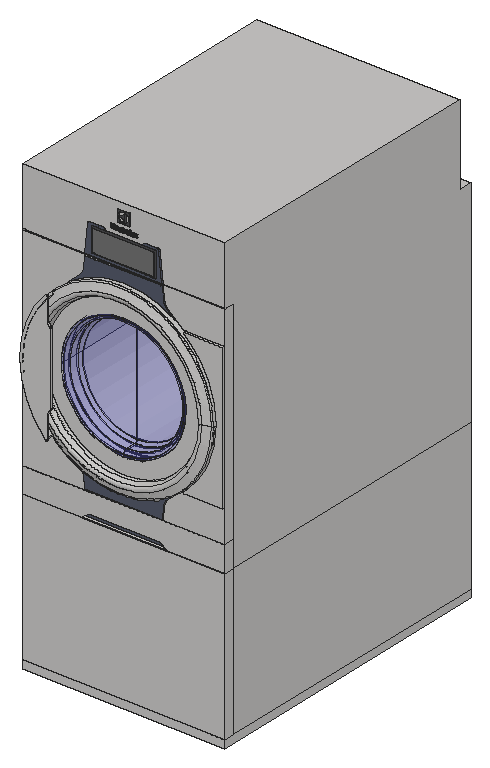
Revit family "TD6-20 IS", category Attrezzature speciali, Revit 2014
Parameters
  Show Logo [instance] = yes
  Show Clearance [instance] = yes
  Manufacturer = ""
  Model = ""
  Description = ""
Reference planes
  plane 1: z = 0
  plane 2 "BACK": y = 790.5
  plane 3 "FRONT": y = -549.5
  plane 4 "LEFT": x = -799
  plane 5 "RIGHT": x = -6
  plane 6 "TOP": z = 1771
  plane 7: y = -601.5
  plane 8: y = -1323.5
Forms (mm)
  Extrusion 1, solid, material "QF_Finishes_Stainless Steel"
    sketch origin (718.1, -398.1, 598.796) x (0, 0, -1) y (0, 1, 0)
      loop
        line (-14.704, 1049.6) -> (-855.66, 1049.6) -> (-855.66, 993.6) -> (-941.204, 993.6) -> (-941.204, -115.453) -> (-14.704, -115.453) -> (-14.704, 1049.6)
    from -1517.1 to -724.1
  Extrusion 2, solid, material "QF_Finishes_Stainless Steel"
    sketch origin (718.1, -368.1, 598.796) x (0, 0, -1) y (0, 1, 0)
      loop
        line (568.796, -145.453) -> (568.796, 1019.6) -> (-14.704, 1019.6) -> (-14.704, -145.453) -> (568.796, -145.453)
    from -1517.1 to -724.1
  Sweep 3, solid, material "QF_Finishes_Black"
    path origin (686.327, -549.5, 1684.42) x (0, 0, -1) y (1, 0, 0)
      loop
        line (131.445, -962.809) -> (32.707, -962.809) -> (32.707, -1214.809) -> (131.445, -1214.809) -> (131.445, -962.809)
    profile origin (-276.482, -549.5, 1602.344) x (-1, 0, 0) y (0, -1, 0)
      loop
        line (5, 0) -> (5, 5)
        arc (5, 5) -> (1.464, 3.536) -> (0, 0) r 5
        line (0, 0) -> (5, 0)
  Extrusion 4, solid, material "QF_Finishes_Dark Grey"
    sketch origin (686.327, -549.5, 1684.42) x (0, 0, -1) y (1, 0, 0)
      loop
        line (126.445, -1209.809) -> (126.445, -967.809) -> (37.707, -967.809) -> (37.707, -1209.809) -> (126.445, -1209.809)
    from 0 to 4
  Extrusion 5, void
    sketch origin (889, -517.06, 1195.994) x (0, 0, -1) y (1, 0, 0)
      loop
        circle (69.994, -1291.5) r 245
    from -451.9 to 33.109
  Extrusion 6, solid, material "QF_Finishes_Stainless Steel"
    sketch origin (718.1, 595.5, 1540) x (0, 0, -1) y (-1, 0, 0)
      loop
        circle (43, 834.1) r 12.7
    from 0 to 5
  Extrusion 7, solid, material "QF_Finishes_Stainless Steel"
    sketch origin (653.455, 651.5, 172.018) x (0, 0, 1) y (1, 0, 0)
      loop
        circle (67.982, -1277.455) r 100
    from 0 to 5
  Extrusion 8, solid, material "QF_Finishes_Stainless Steel"
    sketch origin (-499, 0, 0) x (0, 1, 0) y (0, 0, 1)
      loop
        line (595.5, 1540) -> (595.5, 1771) -> (-549.5, 1771) -> (-549.5, 1541.816)
        arc (-549.5, 1541.816) -> (-548.968, 1540.532) -> (-547.684, 1540) r 1.816
        line (-547.684, 1540) -> (595.5, 1540)
    from -300 to 493
  Extrusion 9, solid, material "QF_Finishes_Stainless Steel"
    sketch origin (0, 0, 1114.3) x (-1, 0, 0) y (0, -1, 0)
      loop
        line (799, -651.5) -> (799, 549.5) -> (6, 549.5) -> (6, -651.5) -> (799, -651.5)
    from -1114.3 to -1084.3
  Extrusion 10, solid, material "QF_Finishes_Stainless Steel"
    sketch origin (-499, -118.96, 0) x (0, 1, 0) y (0, 0, 1)
      loop
        line (-394.593, 1540) -> (-430.54, 1540) -> (-430.54, 713.5) -> (-394.593, 713.5) -> (-394.593, 1540)
    from -300 to 493
  Extrusion 11, solid, material "QF_Finishes_Stainless Steel"
    sketch origin (-499, -118.96, 0) x (0, 1, 0) y (0, 0, 1)
      loop
        line (-430.54, 713.5) -> (-430.54, 613.5) -> (-394.593, 613.5) -> (-394.593, 713.5) -> (-430.54, 713.5)
    from -300 to 493
  Extrusion 12, solid, material "QF_Finishes_Stainless Steel"
    sketch origin (-499, -118.96, 0) x (0, 1, 0) y (0, 0, 1)
      loop
        line (-394.593, 613.5) -> (-430.54, 613.5) -> (-430.54, 30) -> (-394.593, 30) -> (-394.593, 613.5)
    from -300 to 493
  Sweep 13, solid, material "QF_Finishes_Stainless Steel"
    path origin (-409, -549.5, 1444.576) x (0, 0, -1) y (1, 0, 0)
      loop
        circle (318.576, 6.5) r 366.295
    profile origin (-402.5, -549.5, 1492.295) x (0, 0, -1) y (0, -1, 0)
      loop
        line (0, 0) -> (60.401, 0)
        arc (60.401, 0) -> (59.825, 6.814) -> (57.535, 13.257) r 26.651
        line (57.535, 13.257) -> (49.537, 28.994)
        arc (49.537, 28.994) -> (42.511, 35.32) -> (33.058, 35.302) r 13.156
        line (33.058, 35.302) -> (4.309, 24.168)
        arc (4.309, 24.168) -> (1.18, 21.691) -> (0, 17.88) r 6.744
        line (0, 17.88) -> (0, 0)
  Extrusion 14, solid, material "QF_Finishes_Stainless Steel"
    sketch origin (889, -689.525, 1195.994) x (0, 0, -1) y (1, 0, 0)
      loop
        line (353.669, -897.598) -> (-212.997, -897.549) -> (-213.01, -1046.361)
        arc (-213.01, -1046.361) -> (-212.131, -1048.481) -> (-210.011, -1049.36) r 2.999
        line (-210.011, -1049.36) -> (-204.852, -1049.36)
        arc (-204.852, -1049.36) -> (-80.8, -957.683) -> (69.994, -925.205) r 366.295
        arc (69.994, -925.205) -> (220.927, -957.746) -> (345.042, -1049.589) r 366.295
        line (345.042, -1049.589) -> (350.683, -1049.589)
        arc (350.683, -1049.589) -> (352.804, -1048.711) -> (353.682, -1046.59) r 2.999
        line (353.682, -1046.59) -> (353.669, -897.598)
    from -140.025 to -130.025
  Revolve 15, solid, material "QF_Door-Drawer Clearances", visible <- "Show Clearance", detail levels coarse
    sketch origin (889, -601.5, 1195.994) x (0, 0, -1) y (1, 0, 0)
      loop
        circle (69.994, -1291.5) r 366.295
      axis (69.994, -924.023) -> (68.994, -924.023)
    angle from 0 to -90
  Revolve 16, solid, material "QF_Finishes_Glass"
    sketch origin (-402.863, -289.313, 555.02) x (0, 1, 0) y (0, 0, 1)
      loop
        arc (-190.673, 783.338) -> (-195.066, 793.945) -> (-205.673, 798.338) r 15
        line (-205.673, 798.338) -> (-244.95, 798.338)
        arc (-244.95, 798.338) -> (-252.021, 801.267) -> (-254.95, 808.338) r 10
        line (-254.95, 808.338) -> (-254.95, 816.338) -> (-259.95, 816.338) -> (-259.95, 808.338)
        arc (-259.95, 808.338) -> (-255.556, 797.732) -> (-244.95, 793.338) r 15
        line (-244.95, 793.338) -> (-205.673, 793.338)
        arc (-205.673, 793.338) -> (-198.602, 790.409) -> (-195.673, 783.338) r 10
        line (-195.673, 783.338) -> (-195.673, 570.975) -> (-190.673, 570.975) -> (-190.673, 783.338)
      axis (-259.95, 570.975) -> (-190.673, 570.975)
    angle from 0 to 360
  Extrusion 17, solid, material "QF_Finishes_Stainless Steel"
    sketch origin (-529, -549.5, 1444.576) x (0, 0, -1) y (1, 0, 0)
      loop
        arc (176.622, -119.08) -> (174.216, -119.45) -> (172.033, -120.527) r 8
        line (172.033, -120.527) -> (158.099, -130.284)
        arc (158.099, -130.284) -> (155.934, -131.338) -> (153.554, -131.7) r 8
        line (153.554, -131.7) -> (65.736, -131.7)
        arc (65.736, -131.7) -> (63.285, -133.352) -> (63.896, -136.244) r 2.645
        arc (63.896, -136.244) -> (318.617, -239.419) -> (573.315, -136.187) r 365.919
        arc (573.315, -136.187) -> (573.918, -133.331) -> (571.497, -131.7) r 2.612
        line (571.497, -131.7) -> (483.599, -131.7)
        arc (483.599, -131.7) -> (481.193, -131.33) -> (479.01, -130.253) r 8
        line (479.01, -130.253) -> (465.119, -120.527)
        arc (465.119, -120.527) -> (462.936, -119.45) -> (460.53, -119.08) r 8
        line (460.53, -119.08) -> (176.622, -119.08)
    from 47.713 to 52
  Extrusion 18, solid, material "QF_Finishes_Stainless Steel"
    sketch origin (-529, -601.5, 1444.576) x (0, 0, -1) y (1, 0, 0)
      loop
        arc (63.896, -136.244) -> (318.617, -239.419) -> (573.315, -136.187) r 365.919
        line (573.315, -136.187) -> (563.547, -131.7)
        arc (563.547, -131.7) -> (318.584, -229.419) -> (73.616, -131.711) r 355.919
        line (73.616, -131.711) -> (63.896, -136.244)
    from -4.287 to -34.753
  Extrusion 19, void
    sketch origin (-401.334, -549.5, 611.842) x (0, 0, 1) y (1, 0, 0)
      loop
        arc (1.908, -169.725) -> (2.027, -168.962) -> (2.374, -168.272) r 2.499
        line (2.374, -168.272) -> (21.699, -140.672)
        arc (21.699, -140.672) -> (23.335, -137.382) -> (23.898, -133.751) r 11.994
        line (23.898, -133.751) -> (23.897, 130.467)
        arc (23.897, 130.467) -> (23.336, 134.095) -> (21.703, 137.383) r 11.994
        line (21.703, 137.383) -> (2.374, 164.988)
        arc (2.374, 164.988) -> (2.027, 165.678) -> (1.908, 166.441) r 2.499
        line (1.908, 166.441) -> (1.908, -169.725)
    from 0 to 13.427
  Extrusion 20, solid, material "QF_Finishes_Blue"
    sketch origin (-499, -549.5, 893.425) x (0, 0, 1) y (-1, 0, 0)
      loop
        arc (767.274, 37.584) -> (765.819, 41.099) -> (762.304, 42.555) r 4.971
        line (762.304, 42.555) -> (650.575, 54.795) -> (650.575, -247.832) -> (761.659, -235.663)
        arc (761.659, -235.663) -> (765.63, -234.018) -> (767.274, -230.047) r 5.615
        line (767.274, -230.047) -> (767.274, -186.505)
        arc (767.274, -186.505) -> (766.484, -180.953) -> (764.209, -175.828) r 20.351
        line (764.209, -175.828) -> (758.288, -166.304) -> (758.288, -222.518) -> (659.55, -222.518) -> (659.55, 29.482) -> (758.288, 29.482) -> (758.288, -26.732) -> (764.209, -17.208)
        arc (764.209, -17.208) -> (766.483, -12.086) -> (767.274, -6.538) r 20.35
        line (767.274, -6.538) -> (767.274, 37.584)
    from 0 to 1.6
  Extrusion 21, solid, material "QF_Finishes_Blue"
    sketch origin (-499, -549.5, 893.425) x (0, 0, 1) y (-1, 0, 0)
      loop
        arc (594.486, 60.933) -> (579.244, 65.533) -> (566.695, 75.331) r 43.3
        line (566.695, 75.331) -> (532.276, 114.098)
        arc (532.276, 114.098) -> (598.87, -96.026) -> (532.82, -306.322) r 366.295
        line (532.82, -306.322) -> (566.695, -268.167)
        arc (566.695, -268.167) -> (579.244, -258.37) -> (594.486, -253.77) r 43.3
        line (594.486, -253.77) -> (642.075, -248.6) -> (642.075, 55.764) -> (594.486, 60.933)
    from 0 to 1.6
  Extrusion 22, solid, material "QF_Finishes_Blue"
    sketch origin (-499, -549.5, 893.425) x (0, 0, 1) y (-1, 0, 0)
      loop
        line (-129.403, 60.926) -> (-176.925, 55.764) -> (-176.925, -248.6) -> (-129.403, -253.763)
        arc (-129.403, -253.763) -> (-114.123, -258.355) -> (-101.544, -268.169) r 43.3
        line (-101.544, -268.169) -> (-67.671, -306.321)
        arc (-67.671, -306.321) -> (-133.72, -96.026) -> (-67.127, 114.098) r 366.295
        line (-67.127, 114.098) -> (-101.544, 75.332)
        arc (-101.544, 75.332) -> (-114.123, 65.518) -> (-129.403, 60.926) r 43.3
    from 0 to 1.6
  Extrusion 23, solid, material "QF_Finishes_Stainless Steel"
    sketch origin (718.1, 414.5, 30) x (0, 0, 1) y (1, 0, 0)
      loop
        line (661.465, -1322.6) -> (1361.465, -1322.6) -> (1361.465, -918.6) -> (661.465, -918.6) -> (661.465, -1322.6)
    from 237 to 337
  Extrusion 24, solid, material "QF_Finishes_Stainless Steel"
    sketch origin (718.1, 751.5, 30) x (0, 0, 1) y (1, 0, 0)
      loop
        circle (1313.965, -1120.6) r 16.6
    from 0 to 39
  Extrusion 25, solid, material "QF_Finishes_Stainless Steel"
    sketch origin (718.1, 751.5, -575.6) x (0, 0, 1) y (1, 0, 0)
      loop
        circle (1313.965, -1120.6) r 16.6
    from 0 to 39
Cuts and joins
  Extrusion 5 cuts Extrusion 1
  Extrusion 5 cuts Extrusion 8
  joined: Extrusion 1, Extrusion 6, Extrusion 8, Extrusion 23, Extrusion 24, Extrusion 25
  Extrusion 5 cuts Extrusion 10
  Extrusion 19 cuts Extrusion 11
  joined: Sweep 13, Extrusion 14, Extrusion 17, Extrusion 18
  joined: Extrusion 2, Extrusion 7
Lines and regions (mm)
  Split face 1
    outline origin (-6, -549.5, 1540) x (-1, 0, 0) y (0, 0, -1)
      loop
        circle (396.5, 414) r 305.895
  symbolic lines
    curve 1: line (-6, 651.5, 1771) -> (-799, 651.5, 1771)
    curve 2: line (-799, -549.5, 1771) -> (-6, -549.5, 1771)
    curve 3: line (-6, 651.5, 0) -> (-6, -549.5, 0)
    curve 4: line (-799, 651.5, 0) -> (-799, -549.5, 0)
    curve 6: line (-6, 595.5, 0) -> (-799, 595.5, 0)
    curve 25: line (-604.5, 651.5, 0) -> (-604.5, 751.5, 0)
    curve 26: line (-604.5, 751.5, 0) -> (-200.5, 751.5, 0)
    curve 27: line (-200.5, 751.5, 0) -> (-200.5, 651.5, 0)
  symbolic lines, style "QF_Door-Drawer Clearances", visible <- "Show Clearance"
    curve 5: line (-6, -1323.5, 0) -> (-6, -549.5, 0)
    curve 7: arc (-768.795, -549.5, 0) -> (-549.88, -1096.63, 0) -> (-6, -1323.5, 0) r 761.144
  symbolic lines, style "SpecialityEquipment"
    curve 8: line (-8.549, -559.5, 0) -> (-8.549, -549.5, 0)
    curve 9: line (-160.36, -559.5, 0) -> (-8.549, -559.5, 0)
    curve 10: line (-160.36, -549.5, 0) -> (-160.36, -559.5, 0)
    curve 11: line (-768.419, -601.5, 0) -> (-659.284, -601.5, 0)
    curve 12: line (-659.284, -597.213, 0) -> (-758.419, -597.213, 0)
    curve 13: line (-758.419, -569.602, 0) -> (-758.419, -597.213, 0)
    curve 14: line (-659.284, -597.213, 0) -> (-659.284, -601.5, 0)
    curve 15: line (-768.419, -569.602, 0) -> (-758.419, -569.602, 0)
    curve 16: line (-74.013, -585.689, 0) -> (-758.419, -585.689, 0)
    curve 17: line (-768.419, -569.602, 0) -> (-768.419, -601.5, 0)
    curve 18: line (-40.513, -573.668, 0) -> (-758.419, -573.668, 0)
    curve 19: line (-768.795, -549.5, 0) -> (-768.795, -567.38, 0)
    curve 20: arc (-768.795, -567.38, 0) -> (-768.701, -568.507, 0) -> (-768.419, -569.602, 0) r 6.744
    curve 21: line (-36.205, -559.5, 0) -> (-36.205, -567.38, 0)
    curve 22: line (-40.513, -573.668, 0) -> (-69.262, -584.802, 0)
    curve 23: arc (-36.205, -567.38, 0) -> (-37.385, -571.191, 0) -> (-40.513, -573.668, 0) r 6.744
    curve 24: arc (-74.013, -585.689, 0) -> (-71.597, -585.465, 0) -> (-69.262, -584.802, 0) r 13.156
Dimensions and locks
  plane 4 "LEFT" to plane 5 "RIGHT" = 793 mm
  plane 2 "BACK" to plane 3 "FRONT" = 1340 mm
  plane 6 "TOP" to level = 1771 mm
  Extrusion 2 to Extrusion 2 = 583.5 mm
  Extrusion 6 sketch curve to plane 6 "TOP" = 274 mm
  plane 5 "RIGHT" to Extrusion 6 sketch curve = 110 mm
  level to Extrusion 7 sketch curve = 240 mm
  Extrusion 7 sketch curve to plane 4 "LEFT" = 175 mm
  plane 2 "BACK" to plane 7 = 1392 mm
  plane 2 "BACK" to plane 8 = 2114 mm
  aligned and locked: level to plane 1
  aligned and locked: Extrusion 1 to plane 4 "LEFT"
  aligned and locked: plane 5 "RIGHT" to Extrusion 1
  aligned and locked: Extrusion 2 to plane 4 "LEFT"
  aligned and locked: plane 5 "RIGHT" to Extrusion 2
  aligned and locked: plane 5 "RIGHT" to Extrusion 8
  aligned and locked: Extrusion 8 to plane 4 "LEFT"
  aligned and locked: plane 5 "RIGHT" to Extrusion 12
  aligned and locked: Extrusion 12 to plane 4 "LEFT"
  aligned and locked: Extrusion 11 to plane 4 "LEFT"
  aligned and locked: plane 5 "RIGHT" to Extrusion 11
  aligned and locked: Extrusion 10 to plane 4 "LEFT"
  aligned and locked: plane 5 "RIGHT" to Extrusion 10
  aligned and locked: Extrusion 18 to Extrusion 17
Nested families
  nested 1: "ELX_Logo_S_New" at (-415.511, -549.5, 1674.59) x (1, 0, 0) z (0, -1, 0), visible <- "Show Logo", type "ELX_Logo_S_New"
    with Material QF_Finishes_Black
  nested 2: "ELX_Logo_Symbol_S" at (-394.886, -549.5, 1729.274) x (-1, 0, 0) z (0, -1, 0), visible <- "Show Logo", type "ELX_Logo_Symbol_S"
    with Material QF_Finishes_Black
Connectors
  piping at (-624, 656.5, 240), diameter 200
    settings: on Extrusion 7, index 3, connector inside diameter 609.6 mm, connector length 0 mm, flow factor 0, pipe flow 0.0 L/s, pressure drop 0.0 Pa, fitting loss kfactor 0, connector angle 0.00°, fixture units 0, engagement length 0 mm, angle of deflection 0.00°, flow configuration 1, flow direction 2, fitting loss method 0, system type 7, joint type 0, gender type 0, connector reference index -1, connector utility 0, adjustable connector no, is connector primary yes, connector description "Exhaust Connection"
  electrical at (-116, 600.5, 1497)
    settings: on Extrusion 6, index 4, voltage 0 V, apparent load 0 VA, apparent load phase1 0 VA, apparent load phase2 0 VA, apparent load phase3 0 VA, power factor 1, load classification "Other", number of poles 1, system type 30, power factor state 1, is connector primary yes, connector utility no, sub classification motor no, connector description "Electrical Connection"
  piping at (-402.5, 790.5, 1343.965), diameter 33.2
    settings: on Extrusion 24, index 7, connector inside diameter 609.6 mm, connector length 0 mm, flow factor 0, pipe flow 0.0 L/s, pressure drop 0.0 Pa, fitting loss kfactor 0, connector angle 0.00°, fixture units 0, engagement length 0 mm, angle of deflection 0.00°, flow configuration 1, flow direction 1, fitting loss method 0, system type 7, joint type 0, gender type 0, connector reference index -1, connector utility 0, adjustable connector no, is connector primary no, connector description "Steam Inlet"
  piping at (-402.5, 790.5, 738.365), diameter 33.2
    settings: on Extrusion 25, index 8, connector inside diameter 609.6 mm, connector length 0 mm, flow factor 0, pipe flow 0.0 L/s, pressure drop 0.0 Pa, fitting loss kfactor 0, connector angle 0.00°, fixture units 0, engagement length 0 mm, angle of deflection 0.00°, flow configuration 1, flow direction 1, fitting loss method 0, system type 7, joint type 0, gender type 0, connector reference index -1, connector utility 0, adjustable connector no, is connector primary no, connector description "Steam Outlet"
Definition of nested family "ELX_Logo_S_New"
  Parameters (values of type "ELX_Logo_S_New")
    Material [instance] = QF_Finishes_Gray
    Default Elevation = 0 mm
  Reference planes
    plane 1 "Centro (Fronte/Retro)": y = 0
    plane 2: z = 0
    plane 3 "Centro (Sinistra/Destra)": x = 0
  Forms (mm)
    Extrusion 1, solid
      sketch origin (0, 0, 0) x (1, 0, 0) y (0, 1, 0)
        loop
          line (-1219.2, 1219.2) -> (-1219.2, -1219.2) -> (1219.2, -1219.2) -> (1219.2, 1219.2) -> (-1219.2, 1219.2)
      from 0 to -304.8
    Extrusion 2, solid, material "QF_Finishes_Gray" <- "Material"
      sketch origin (0, 0, 0) x (1, 0, 0) y (0, 1, 0)
        loop
          spline (-31.006, -2.781) -> (-31.24, -2.771) -> (-31.49, -2.739) -> (-31.748, -2.68) -> (-32.009, -2.591) -> (-32.264, -2.469) -> (-32.508, -2.308) -> (-32.732, -2.105) -> (-32.932, -1.857) -> (-33.099, -1.559) -> (-33.226, -1.207) -> (-33.308, -0.798) -> (-33.337, -0.327)
          line (-33.337, -0.327) -> (-33.337, 1.761) -> (-26.444, 1.761) -> (-26.444, 4.423) -> (-33.338, 4.423) -> (-33.338, 8.299) -> (-26.005, 8.299) -> (-26.005, 10.954) -> (-36.159, 10.954) -> (-36.159, -0.206)
          spline (-36.159, -0.206) -> (-36.134, -0.893) -> (-36.057, -1.54) -> (-35.927, -2.145) -> (-35.743, -2.707) -> (-35.503, -3.222) -> (-35.206, -3.689) -> (-34.85, -4.106) -> (-34.433, -4.47) -> (-33.955, -4.779) -> (-33.414, -5.031) -> (-32.809, -5.223) -> (-32.137, -5.354)
          line (-32.137, -5.354) -> (-31.029, -5.433) -> (-25.809, -5.433) -> (-25.809, -2.781) -> (-31.006, -2.781)
        loop
          line (-23.804, 3.211) -> (-23.804, -5.437) -> (-20.982, -5.437) -> (-20.982, 10.958) -> (-23.804, 10.958) -> (-23.804, 3.211)
        loop
          spline (-7.052, -0.2) -> (-7.034, 0.688) -> (-7.119, 1.546) -> (-7.304, 2.368) -> (-7.586, 3.144) -> (-7.962, 3.868) -> (-8.426, 4.531) -> (-8.977, 5.126) -> (-9.61, 5.644) -> (-10.321, 6.077) -> (-11.107, 6.419) -> (-11.964, 6.66) -> (-12.889, 6.793)
          spline (-12.889, 6.793) -> (-13.767, 6.742) -> (-14.602, 6.592) -> (-15.387, 6.346) -> (-16.116, 6.008) -> (-16.782, 5.583) -> (-17.379, 5.073) -> (-17.902, 4.483) -> (-18.343, 3.816) -> (-18.697, 3.077) -> (-18.958, 2.269) -> (-19.119, 1.395) -> (-19.174, 0.46)
          spline (-19.174, 0.46) -> (-19.121, -0.452) -> (-18.964, -1.304) -> (-18.71, -2.094) -> (-18.362, -2.816) -> (-17.926, -3.468) -> (-17.406, -4.045) -> (-16.808, -4.544) -> (-16.137, -4.96) -> (-15.397, -5.291) -> (-14.594, -5.532) -> (-13.733, -5.679) -> (-12.817, -5.729)
          spline (-12.817, -5.729) -> (-12.371, -5.719) -> (-11.93, -5.685) -> (-11.493, -5.626) -> (-11.062, -5.54) -> (-10.636, -5.425) -> (-10.216, -5.277) -> (-9.8, -5.096) -> (-9.391, -4.879) -> (-8.987, -4.623) -> (-8.588, -4.326) -> (-8.196, -3.987) -> (-7.809, -3.603)
          line (-7.809, -3.603) -> (-9.51, -1.949)
          spline (-9.51, -1.949) -> (-9.734, -2.164) -> (-9.959, -2.362) -> (-10.188, -2.542) -> (-10.422, -2.703) -> (-10.662, -2.846) -> (-10.913, -2.971) -> (-11.174, -3.077) -> (-11.449, -3.163) -> (-11.739, -3.231) -> (-12.047, -3.28) -> (-12.374, -3.309) -> (-12.723, -3.319)
          spline (-12.723, -3.319) -> (-13.234, -3.294) -> (-13.713, -3.219) -> (-14.158, -3.098) -> (-14.568, -2.931) -> (-14.94, -2.72) -> (-15.272, -2.469) -> (-15.562, -2.177) -> (-15.809, -1.849) -> (-16.009, -1.485) -> (-16.162, -1.088) -> (-16.264, -0.659) -> (-16.314, -0.2)
          line (-16.314, -0.2) -> (-7.052, -0.2)
        loop
          spline (-9.888, 1.784) -> (-9.915, 2.133) -> (-9.995, 2.469) -> (-10.124, 2.788) -> (-10.298, 3.088) -> (-10.514, 3.365) -> (-10.768, 3.615) -> (-11.056, 3.836) -> (-11.376, 4.024) -> (-11.722, 4.176) -> (-12.092, 4.289) -> (-12.482, 4.359) -> (-12.889, 4.383)
          spline (-12.889, 4.383) -> (-13.325, 4.36) -> (-13.744, 4.291) -> (-14.144, 4.18) -> (-14.52, 4.03) -> (-14.868, 3.844) -> (-15.186, 3.624) -> (-15.469, 3.375) -> (-15.715, 3.099) -> (-15.919, 2.798) -> (-16.077, 2.477) -> (-16.186, 2.138) -> (-16.243, 1.784)
          line (-16.243, 1.784) -> (-9.888, 1.784)
        loop
          spline (-2.737, 0.532) -> (-2.704, 1.057) -> (-2.61, 1.555) -> (-2.457, 2.022) -> (-2.249, 2.455) -> (-1.991, 2.851) -> (-1.685, 3.205) -> (-1.336, 3.514) -> (-0.948, 3.775) -> (-0.524, 3.984) -> (-0.067, 4.138) -> (0.417, 4.233) -> (0.926, 4.265)
          spline (0.926, 4.265) -> (1.238, 4.255) -> (1.537, 4.226) -> (1.824, 4.178) -> (2.098, 4.112) -> (2.362, 4.027) -> (2.615, 3.925) -> (2.858, 3.806) -> (3.093, 3.67) -> (3.318, 3.518) -> (3.536, 3.349) -> (3.746, 3.165) -> (3.95, 2.966)
          line (3.95, 2.966) -> (5.699, 4.785)
          spline (5.699, 4.785) -> (5.351, 5.133) -> (4.992, 5.446) -> (4.624, 5.724) -> (4.246, 5.969) -> (3.859, 6.181) -> (3.463, 6.362) -> (3.059, 6.512) -> (2.646, 6.633) -> (2.226, 6.725) -> (1.8, 6.79) -> (1.366, 6.828) -> (0.926, 6.841)
          spline (0.926, 6.841) -> (0.044, 6.786) -> (-0.801, 6.626) -> (-1.601, 6.367) -> (-2.349, 6.014) -> (-3.037, 5.573) -> (-3.658, 5.051) -> (-4.204, 4.453) -> (-4.668, 3.785) -> (-5.041, 3.053) -> (-5.318, 2.263) -> (-5.489, 1.421) -> (-5.548, 0.532)
          spline (-5.548, 0.532) -> (-5.489, -0.357) -> (-5.318, -1.199) -> (-5.041, -1.989) -> (-4.668, -2.721) -> (-4.204, -3.389) -> (-3.658, -3.987) -> (-3.037, -4.509) -> (-2.349, -4.95) -> (-1.601, -5.303) -> (-0.801, -5.562) -> (0.044, -5.722) -> (0.926, -5.777)
          spline (0.926, -5.777) -> (1.366, -5.764) -> (1.8, -5.726) -> (2.226, -5.662) -> (2.646, -5.569) -> (3.059, -5.449) -> (3.463, -5.298) -> (3.859, -5.117) -> (4.246, -4.905) -> (4.624, -4.66) -> (4.992, -4.382) -> (5.351, -4.069) -> (5.699, -3.721)
          line (5.699, -3.721) -> (3.95, -1.902)
          spline (3.95, -1.902) -> (3.746, -2.101) -> (3.536, -2.285) -> (3.318, -2.453) -> (3.093, -2.606) -> (2.858, -2.742) -> (2.615, -2.861) -> (2.362, -2.964) -> (2.098, -3.048) -> (1.824, -3.114) -> (1.537, -3.162) -> (1.238, -3.191) -> (0.926, -3.201)
          spline (0.926, -3.201) -> (0.417, -3.169) -> (-0.067, -3.074) -> (-0.524, -2.92) -> (-0.948, -2.711) -> (-1.336, -2.45) -> (-1.685, -2.141) -> (-1.991, -1.787) -> (-2.249, -1.391) -> (-2.457, -0.958) -> (-2.61, -0.491) -> (-2.704, 0.007) -> (-2.737, 0.532)
        loop
          spline (12.895, -2.785) -> (12.646, -2.789) -> (12.379, -2.77) -> (12.102, -2.724) -> (11.82, -2.646) -> (11.542, -2.531) -> (11.274, -2.376) -> (11.024, -2.175) -> (10.797, -1.924) -> (10.602, -1.618) -> (10.445, -1.253) -> (10.334, -0.824) -> (10.275, -0.327)
          line (10.275, -0.327) -> (10.275, 3.855) -> (12.842, 3.855) -> (12.842, 6.419) -> (10.278, 6.419) -> (10.278, 10.958) -> (7.456, 10.958) -> (7.456, -0.488)
          spline (7.456, -0.488) -> (7.516, -1.152) -> (7.626, -1.776) -> (7.785, -2.359) -> (7.996, -2.899) -> (8.26, -3.392) -> (8.577, -3.837) -> (8.951, -4.232) -> (9.38, -4.575) -> (9.868, -4.864) -> (10.415, -5.096) -> (11.023, -5.27) -> (11.693, -5.383)
          line (11.693, -5.383) -> (12.885, -5.437) -> (12.895, -2.785)
        loop
          spline (22.391, 6.583) -> (21.903, 6.613) -> (21.433, 6.605) -> (20.982, 6.558) -> (20.553, 6.476) -> (20.145, 6.358) -> (19.76, 6.207) -> (19.401, 6.022) -> (19.067, 5.807) -> (18.76, 5.561) -> (18.482, 5.286) -> (18.234, 4.984) -> (18.016, 4.655)
          line (18.016, 4.655) -> (18.016, 6.418) -> (15.217, 6.418) -> (15.217, -5.437) -> (18.016, -5.437) -> (18.016, 0.797)
          spline (18.016, 0.797) -> (18.042, 1.269) -> (18.118, 1.71) -> (18.242, 2.117) -> (18.412, 2.488) -> (18.627, 2.822) -> (18.884, 3.117) -> (19.182, 3.371) -> (19.518, 3.583) -> (19.892, 3.751) -> (20.3, 3.873) -> (20.742, 3.947) -> (21.215, 3.972)
          line (21.215, 3.972) -> (22.391, 3.855) -> (22.391, 6.583)
        loop
          spline (35.761, 0.49) -> (35.702, 1.36) -> (35.53, 2.189) -> (35.253, 2.971) -> (34.878, 3.698) -> (34.414, 4.364) -> (33.867, 4.963) -> (33.246, 5.488) -> (32.558, 5.932) -> (31.811, 6.289) -> (31.013, 6.552) -> (30.171, 6.715) -> (29.293, 6.771)
          spline (29.293, 6.771) -> (28.409, 6.715) -> (27.564, 6.552) -> (26.763, 6.289) -> (26.016, 5.932) -> (25.328, 5.488) -> (24.708, 4.963) -> (24.163, 4.364) -> (23.701, 3.698) -> (23.328, 2.971) -> (23.053, 2.189) -> (22.882, 1.36) -> (22.823, 0.49)
          spline (22.823, 0.49) -> (22.882, -0.379) -> (23.053, -1.208) -> (23.328, -1.989) -> (23.701, -2.716) -> (24.163, -3.382) -> (24.708, -3.981) -> (25.328, -4.506) -> (26.016, -4.951) -> (26.763, -5.308) -> (27.564, -5.571) -> (28.409, -5.734) -> (29.293, -5.79)
          spline (29.293, -5.79) -> (30.171, -5.734) -> (31.013, -5.571) -> (31.811, -5.308) -> (32.558, -4.951) -> (33.246, -4.506) -> (33.867, -3.981) -> (34.414, -3.382) -> (34.878, -2.716) -> (35.253, -1.989) -> (35.53, -1.208) -> (35.702, -0.379) -> (35.761, 0.49)
        loop
          spline (32.961, 0.49) -> (32.929, 1.004) -> (32.833, 1.493) -> (32.679, 1.955) -> (32.47, 2.385) -> (32.21, 2.779) -> (31.903, 3.134) -> (31.553, 3.445) -> (31.164, 3.709) -> (30.739, 3.921) -> (30.283, 4.077) -> (29.8, 4.174) -> (29.293, 4.207)
          spline (29.293, 4.207) -> (28.781, 4.174) -> (28.294, 4.077) -> (27.836, 3.921) -> (27.411, 3.709) -> (27.022, 3.445) -> (26.673, 3.134) -> (26.368, 2.779) -> (26.11, 2.385) -> (25.903, 1.955) -> (25.75, 1.493) -> (25.656, 1.004) -> (25.624, 0.49)
          spline (25.624, 0.49) -> (25.656, -0.022) -> (25.75, -0.512) -> (25.903, -0.973) -> (26.11, -1.403) -> (26.368, -1.798) -> (26.673, -2.153) -> (27.022, -2.464) -> (27.411, -2.728) -> (27.836, -2.94) -> (28.294, -3.096) -> (28.781, -3.193) -> (29.293, -3.226)
          spline (29.293, -3.226) -> (29.8, -3.193) -> (30.283, -3.096) -> (30.739, -2.94) -> (31.164, -2.728) -> (31.553, -2.464) -> (31.903, -2.153) -> (32.21, -1.798) -> (32.47, -1.403) -> (32.679, -0.973) -> (32.833, -0.512) -> (32.929, -0.022) -> (32.961, 0.49)
        loop
          line (37.497, 3.493) -> (37.497, -5.437) -> (40.321, -5.437) -> (40.321, 10.958) -> (37.497, 10.958) -> (37.497, 3.493)
        loop
          line (50.501, 6.418) -> (50.501, -0.473)
          spline (50.501, -0.473) -> (50.478, -0.921) -> (50.412, -1.325) -> (50.305, -1.686) -> (50.159, -2.005) -> (49.978, -2.282) -> (49.763, -2.52) -> (49.517, -2.718) -> (49.243, -2.878) -> (48.943, -3.001) -> (48.619, -3.087) -> (48.275, -3.139) -> (47.913, -3.155)
          spline (47.913, -3.155) -> (47.55, -3.139) -> (47.206, -3.088) -> (46.883, -3.001) -> (46.583, -2.879) -> (46.309, -2.72) -> (46.063, -2.523) -> (45.849, -2.287) -> (45.667, -2.012) -> (45.522, -1.696) -> (45.414, -1.339) -> (45.348, -0.94) -> (45.326, -0.498)
          line (45.326, -0.498) -> (45.326, 6.418) -> (42.479, 6.418) -> (42.479, -0.733)
          spline (42.479, -0.733) -> (42.53, -1.543) -> (42.676, -2.28) -> (42.911, -2.945) -> (43.228, -3.537) -> (43.621, -4.058) -> (44.082, -4.508) -> (44.604, -4.888) -> (45.18, -5.197) -> (45.804, -5.437) -> (46.468, -5.607) -> (47.165, -5.709) -> (47.89, -5.743)
          spline (47.89, -5.743) -> (48.62, -5.709) -> (49.323, -5.605) -> (49.993, -5.432) -> (50.621, -5.189) -> (51.203, -4.875) -> (51.729, -4.491) -> (52.194, -4.034) -> (52.59, -3.506) -> (52.91, -2.905) -> (53.147, -2.231) -> (53.295, -1.484) -> (53.346, -0.662)
          line (53.346, -0.662) -> (53.346, 6.418) -> (50.501, 6.418)
        loop
          line (64.026, -1.646) -> (62.246, 0.843) -> (64.45, 3.846) -> (66.338, 6.418) -> (63.257, 6.418) -> (60.692, 2.866) -> (58.105, 6.418) -> (55.047, 6.418) -> (56.801, 4.02) -> (59.14, 0.82) -> (56.689, -2.595) -> (54.647, -5.437) -> (57.682, -5.437) -> (60.692, -1.25) -> (63.703, -5.437) -> (66.738, -5.437) -> (64.026, -1.646)
      from 0 to 1.644
  Dimensions and locks
    aligned and locked: plane 2 to Extrusion 1
    aligned and locked: level to Extrusion 1
Definition of nested family "ELX_Logo_Symbol_S"
  Parameters (values of type "ELX_Logo_Symbol_S")
    Material [instance] = QF_Finishes_Gray
    Default Elevation = 0 mm
  Reference planes
    plane 1 "Centro (Fronte/Retro)": y = 0
    plane 2: z = 0
    plane 3 "Centro (Sinistra/Destra)": x = 0
  Forms (mm)
    Extrusion 1, solid
      sketch origin (0, 0, 0) x (1, 0, 0) y (0, 1, 0)
        loop
          line (-1219.2, 1219.2) -> (-1219.2, -1219.2) -> (1219.2, -1219.2) -> (1219.2, 1219.2) -> (-1219.2, 1219.2)
      from 0 to -304.8
    Extrusion 2, solid, material "QF_Finishes_Gray" <- "Material"
      sketch origin (94.462, 558.781, 0) x (1, 0, 0) y (0, 1, 0)
        loop
          line (-92.971, -571.574) -> (-92.971, -531.14)
          arc (-92.971, -531.14) -> (-107.917, -551.357) -> (-92.971, -571.574) r 21.146
        loop
          arc (-90.914, -571.574) -> (-74.098, -567.752) -> (-65.997, -552.529) r 20.723
          line (-65.997, -552.529) -> (-72.686, -552.529)
          arc (-72.686, -552.529) -> (-84.636, -557.38) -> (-90.914, -568.646) r 19.424
          line (-90.914, -568.646) -> (-90.914, -571.574)
        loop
          arc (-90.914, -534.068) -> (-84.636, -545.334) -> (-72.686, -550.185) r 19.424
          line (-72.686, -550.185) -> (-65.997, -550.185)
          arc (-65.997, -550.185) -> (-74.085, -534.837) -> (-90.914, -530.621) r 21.265
          line (-90.914, -530.621) -> (-90.914, -534.068)
        loop
          line (-64.462, -573.781) -> (-64.462, -528.842) -> (-109.462, -528.842) -> (-109.462, -573.781) -> (-64.462, -573.781)
      from 0 to 1.644
  Dimensions and locks
    aligned and locked: plane 2 to Extrusion 1
    aligned and locked: level to Extrusion 1
